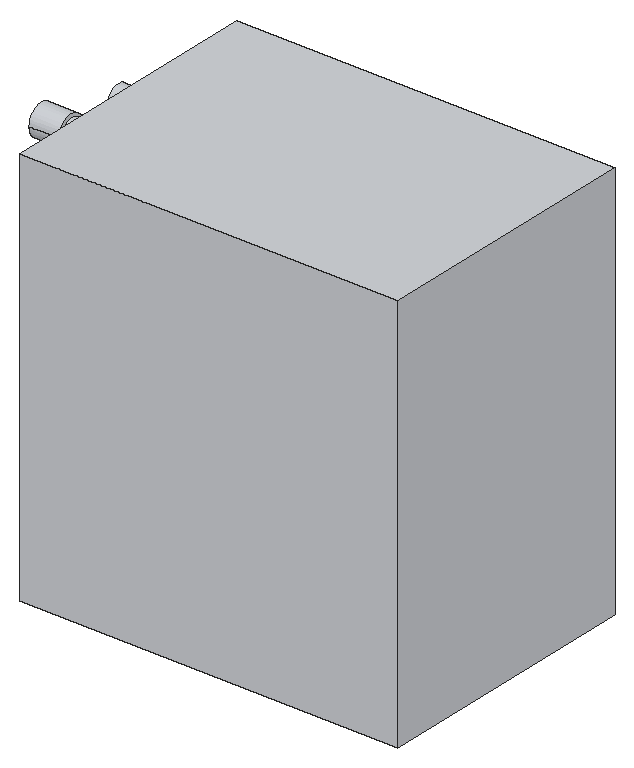
Revit family "LAMP 400-1000 Water Heater", category Mechanical Equipment, Revit 2019
Family settings
  Round Connector Dimension = Use Diameter
  Part Type = Normal
  OmniClass Number = 23.75.00.00
  OmniClass Title = Climate Control (HVAC)
  Work Plane-Based = No
  Always vertical = Yes
  Cut with Voids When Loaded = No
  Shared = No
  Room Calculation Point = No
Parameters (values of type "Little Amp/Bfit 400 Water Heater")
  Width = 26 1/8"
  Vent Y = 19.731"
  Vent X = 16.121"
  Vent Length = 5 145/256"
  Vent O.D. = 4.98"
  Vent I.D. = 4.548"
  Length = 36 5/16"
  Height = 38 69/128"
  Voltage = ""
  Vent = "4\""
  Manufacturer = "Bryan Steam"  # constant formula
  Hydronic Supply = "2\" NPT Female"
  Hydronic Return = "2\" NPT Male"
  Gas Train Y = 27.797"
  Gas Train X = 23 1/4"
  Gas Train Dia. = 1.05"
  Gas Train Ball Valve Y = 27.797"
  Gas Train Ball Valve X = 23 1/4"
  Gas Train Ball Valve Dia. = 1 1/2"
  Gas Train = "3/4\" NPT Female"
  Condensate Trap = "1\" Pipe"
  Boiler Drain = "3/4\" NPT Female"
  Air Supply Y = 12.31"
  Air Supply X = 5 13/16"
  Air Supply Length = 2 69/128"
  Air Supply O.D. = 5 1/16"
  Air Supply I.D. = 4.53"
  Air Supply = "4\""
Types (6): name | Vent Y | Vent Length | Vent O.D. | Vent I.D. | Length | Vent | Gas Train Y | Gas Train X | Gas Train Dia. | Gas Train Ball Valve Y | Gas Train Ball Valve X | Gas Train Ball Valve Dia. | Gas Train | Air Supply Length | Air Supply O.D. | Air Supply I.D. | Air Supply
  (no name) | 19.731" | 5 145/256" | 4.98" | 4.548" | 36 5/16" | "4\"" | 27.797" | 23 1/4" | 1.05" | 27.797" | 23 1/4" | 1 1/2" | "3/4\" NPT Female" | 2 69/128" | 5 1/16" | 4.53" | "4\""
  Little Amp/Bfit 500 Water Heater | 19.731" | 5 145/256" | 4.98" | 4.548" | 36 5/16" | "4\"" | 27 69/128" | 22 217/256" | 1.05" | 27 69/128" | 22 217/256" | 1 1/2" | "3/4\" NPT Female" | 2 69/128" | 5 1/16" | 4.53" | "4\""
  Little Amp/Bfit 400 Water Heater | 19.731" | 5 145/256" | 4.98" | 4.548" | 36 5/16" | "4\"" | 27.797" | 23 1/4" | 1.05" | 27.797" | 23 1/4" | 1 1/2" | "3/4\" NPT Female" | 2 69/128" | 5 1/16" | 4.53" | "4\""
  Little Amp/Bfit 650 Water Heater | 19 207/256" | 7 21/256" | 7 31/256" | 6 43/64" | 52 1/8" | "6\"" | 27 23/256" | 22 197/256" | 1 81/256" | 27 23/256" | 22 197/256" | 1 201/256" | "1\" NPT Female" | 1 111/256" | 5 7/8" | 5 149/256" | "6\""
  Little Amp/Bfit 800 Water Heater | 19 207/256" | 7 21/256" | 7 31/256" | 6 43/64" | 52 1/8" | "6\"" | 27 5/8" | 22 107/128" | 1 81/256" | 27 5/8" | 22 107/128" | 1 201/256" | "1\" NPT Female" | 1 111/256" | 5 7/8" | 5 149/256" | "6\""
  Little Amp/Bfit 1000 Water Heater | 19 207/256" | 7 21/256" | 7 31/256" | 6 43/64" | 52 1/8" | "6\"" | 27 5/8" | 22 107/128" | 1 81/256" | 27 5/8" | 22 107/128" | 1 201/256" | "1\" NPT Female" | 1 111/256" | 5 7/8" | 5 149/256" | "6\""
Reference planes (in)
  plane 1 "Center (Front/Back)": y = 0
  plane 2: z = 0
  plane 3 "Center (Left/Right)": x = 0
  plane 4 "Vent": y = 3.75
  plane 5 "Condensate Trap": y = -12
  plane 6 "Supply 2.5" Victualic Elbow Style 10": x = 1.375
  plane 7 "3" Supply Manifold": z = 44.375
  plane 8 "3" Supply Elbow Victaulic Style 10": y = 12.875
Forms (in)
  Extrusion 1, solid
    sketch origin (0, 0, 0) x (1, 0, 0) y (0, 1, 0)
      loop
        line (-18.15625, 13.0625) -> (-18.15625, -13.0625) -> (18.15625, -13.0625) -> (18.15625, 13.0625) -> (-18.15625, 13.0625)
    from 0 to 38.53906
  Extrusion 2, solid
    sketch origin (-18.15625, -13.0625, 0) x (0, 1, 0) y (0, 0, -1)
      loop
        circle (5.8125, -12.31) r 2.53125
      loop
        circle (5.8125, -12.31) r 2.265
    from 0 to 2.53906 <- "Air Supply Length"
  Extrusion 3, solid
    sketch origin (-18.15625, -13.0625, 0) x (0, 1, 0) y (0, 0, -1)
      loop
        circle (16.813, -4.073) r 0.6575
    from 0 to 3.85547
  Extrusion 4, solid
    sketch origin (-18.15625, -13.0625, 0) x (0, 1, 0) y (0, 0, -1)
      loop
        circle (16.121, -19.731) r 2.49
      loop
        circle (16.121, -19.731) r 2.274
    from 0 to 5.56641 <- "Vent Length"
  Extrusion 5, solid
    sketch origin (-18.15625, -13.0625, 0) x (0, 1, 0) y (0, 0, -1)
      loop
        circle (16.121, -35.097) r 1.1875
    from 0 to 3.43359
  Extrusion 6, solid
    sketch origin (-18.15625, -13.0625, 0) x (0, 1, 0) y (0, 0, -1)
      loop
        circle (16.121, -26.526) r 0.525
    from 0 to 4.19531
  Extrusion 7, solid
    sketch origin (-18.15625, -13.0625, 0) x (0, 1, 0) y (0, 0, -1)
      loop
        circle (23.25, -27.797) r 0.525
    from 0 to 1.24219
  Extrusion 8, solid
    sketch origin (-18.15625, -13.0625, 0) x (0, 1, 0) y (0, 0, -1)
      loop
        circle (9.881, -35.097) r 1.1875
    from 0 to 2.97656
  Extrusion 9, solid
    sketch origin (-21.13281, -13.0625, 0) x (0, 1, 0) y (0, 0, -1)
      loop
        circle (9.881, -35.097) r 1.46
    from 0 to 2.875
  Extrusion 10, solid
    sketch origin (-22.35156, -13.0625, 0) x (0, 1, 0) y (0, 0, -1)
      loop
        circle (16.121, -26.526) r 0.763
    from 0 to 2.36328
  Extrusion 11, solid
    sketch origin (-19.39844, -13.0625, 0) x (0, 1, 0) y (0, 0, -1)
      loop
        circle (23.25, -27.797) r 0.75
    from 0 to 2.67188
Dimensions and locks (in)
  "Height": Extrusion 1 to level
  equal spacing: Extrusion 1 sketch curve, plane 3 "Center (Left/Right)", Extrusion 1 sketch curve
  "Length": Extrusion 1 sketch curve to Extrusion 1 sketch curve
  equal spacing: Extrusion 1 sketch curve, plane 1 "Center (Front/Back)", Extrusion 1 sketch curve
  "Width": Extrusion 1 sketch curve to Extrusion 1 sketch curve
  locked: level to plane 7 "3" Supply Manifold" at 44.375
  locked: plane 3 "Center (Left/Right)" to plane 6 "Supply 2.5" Victualic Elbow Style 10" at 1.375
  locked: plane 8 "3" Supply Elbow Victaulic Style 10" to plane 1 "Center (Front/Back)" at 12.875
  locked: plane 4 "Vent" to plane 1 "Center (Front/Back)" at 3.75
  locked: plane 5 "Condensate Trap" to plane 1 "Center (Front/Back)" at 12
  "Air Supply Y": Extrusion 1 to Extrusion 2 sketch curve  (x2)
  locked: Extrusion 3 sketch curve to Extrusion 1 at 16.813
  "Vent X": Extrusion 4 sketch curve to Extrusion 1  (x2)
  locked: Extrusion 5 sketch curve to Extrusion 1 at 16.121
  locked: Extrusion 1 to Extrusion 5 sketch curve at 35.097
  locked: Extrusion 1 to Extrusion 3 sketch curve at 4.073
  "Air Supply X": Extrusion 2 sketch curve to Extrusion 1  (x2)
  "Vent Y": Extrusion 1 to Extrusion 4 sketch curve  (x2)
  locked: Extrusion 1 to Extrusion 6 sketch curve at 26.526
  locked: Extrusion 6 sketch curve to Extrusion 1 at 16.121
  "Gas Train X": Extrusion 7 sketch curve to Extrusion 1
  "Gas Train Y": Extrusion 1 to Extrusion 7 sketch curve
  locked: Extrusion 1 to Extrusion 8 sketch curve at 35.097
  locked: Extrusion 8 sketch curve to Extrusion 1 at 9.881
  locked: Extrusion 9 sketch curve to Extrusion 1 at 9.881
  locked: Extrusion 1 to Extrusion 9 sketch curve at 35.097
  locked: Extrusion 10 sketch curve to Extrusion 1 at 16.121
  locked: Extrusion 1 to Extrusion 10 sketch curve at 26.526
  "Gas Train Ball Valve Y": Extrusion 1 to Extrusion 11 sketch curve
  "Gas Train Ball Valve X": Extrusion 11 sketch curve to Extrusion 1
  "Gas Train Dia.": diameter of Extrusion 7 sketch curve
  "Gas Train Ball Valve Dia.": diameter of Extrusion 11 sketch curve
  "Air Supply O.D.": diameter of Extrusion 2 sketch curve
  "Air Supply I.D.": diameter of Extrusion 2 sketch curve
  "Vent I.D.": diameter of Extrusion 4 sketch curve
  "Vent O.D.": diameter of Extrusion 4 sketch curve
  aligned and locked: level to plane 2
Automatic sketch dimensions
  radius of Extrusion 3 sketch curve = 0.6575"
  radius of Extrusion 5 sketch curve = 1 3/16"
  radius of Extrusion 6 sketch curve = 0.525"
  radius of Extrusion 8 sketch curve = 1 3/16"
  radius of Extrusion 9 sketch curve = 1.46"
  radius of Extrusion 10 sketch curve = 0.763"
Connectors (in)
  piping at (-21.58984, 3.0585, 35.097), diameter 2
    settings: on Extrusion 5, index 1, connector inside diameter 24", connector length 0", flow factor 0, pipe flow 0 GPM, pressure drop 0.00 psi, fitting loss kfactor 0, connector angle 0.00°, fixture units 0, engagement length 0", angle of deflection 0.00°, flow configuration 0, flow direction 1, fitting loss method 0, system type 8, joint type 0, gender type 0, connector reference index -1, connector utility 0, adjustable connector no, is connector primary yes, connector description ""
  piping at (-24.00781, -3.1815, 35.097), diameter 2
    settings: on Extrusion 9, index 2, connector inside diameter 24", connector length 0", flow factor 0, pipe flow 0 GPM, pressure drop 0.00 psi, fitting loss kfactor 0, connector angle 0.00°, fixture units 0, engagement length 0", angle of deflection 0.00°, flow configuration 0, flow direction 2, fitting loss method 0, system type 7, joint type 0, gender type 0, connector reference index -1, connector utility 0, adjustable connector no, is connector primary no, connector description ""
  piping at (-24.71484, 3.0585, 26.526), diameter 0.75
    settings: on Extrusion 10, index 3, connector inside diameter 24", connector length 0", flow factor 0, pipe flow 0 GPM, pressure drop 0.00 psi, fitting loss kfactor 0, connector angle 0.00°, fixture units 0, engagement length 0", angle of deflection 0.00°, flow configuration 0, flow direction 2, fitting loss method 0, system type 22, joint type 0, gender type 0, connector reference index -1, connector utility 0, adjustable connector no, is connector primary no, connector description ""
  piping at (-22.07031, 10.1875, 27.797), diameter 1.05, driven by "Gas Train Dia."
    settings: on Extrusion 11, index 4, connector inside diameter 24", connector length 0", flow factor 0, pipe flow 0 GPM, pressure drop 0.00 psi, fitting loss kfactor 0, connector angle 0.00°, fixture units 0, engagement length 0", angle of deflection 0.00°, flow configuration 0, flow direction 1, fitting loss method 0, system type 22, joint type 0, gender type 0, connector reference index -1, connector utility 0, adjustable connector no, is connector primary no, connector description ""
  piping at (-22.01172, 3.7505, 4.073), diameter 1
    settings: on Extrusion 3, index 5, connector inside diameter 24", connector length 0", flow factor 0, pipe flow 0 GPM, pressure drop 0.00 psi, fitting loss kfactor 0, connector angle 0.00°, fixture units 0, engagement length 0", angle of deflection 0.00°, flow configuration 0, flow direction 2, fitting loss method 0, system type 22, joint type 0, gender type 0, connector reference index -1, connector utility 0, adjustable connector no, is connector primary no, connector description ""
  piping at (-23.72266, 3.0585, 19.731), diameter 4.548, driven by "Vent I.D."
    settings: on Extrusion 4, index 6, connector inside diameter 24", connector length 0", flow factor 0, pipe flow 0 GPM, pressure drop 0.00 psi, fitting loss kfactor 0, connector angle 0.00°, fixture units 0, engagement length 0", angle of deflection 0.00°, flow configuration 0, flow direction 2, fitting loss method 0, system type 17, joint type 0, gender type 0, connector reference index -1, connector utility 0, adjustable connector no, is connector primary no, connector description ""
  piping at (-20.69531, -7.25, 12.31), diameter 4.53, driven by "Air Supply I.D."
    settings: on Extrusion 2, index 7, connector inside diameter 24", connector length 0", flow factor 0, pipe flow 0 GPM, pressure drop 0.00 psi, fitting loss kfactor 0, connector angle 0.00°, fixture units 0, engagement length 0", angle of deflection 0.00°, flow configuration 0, flow direction 1, fitting loss method 0, system type 22, joint type 0, gender type 0, connector reference index -1, connector utility 0, adjustable connector no, is connector primary no, connector description ""
